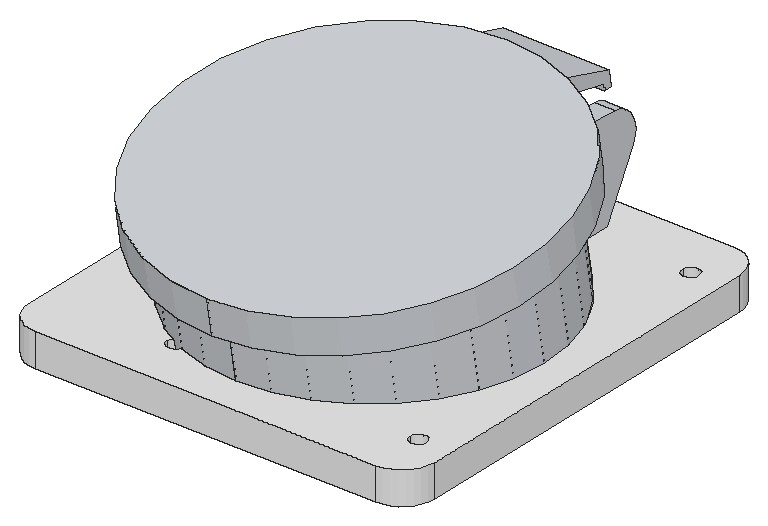
Revit family "Building-ConnessioniIEC309-GEWISS-IEC309HP-PRESE_FISSE_INC_10°_63A_IP44-54", category Apparecchi elettrici, host Superficie, Revit 2019
Family settings
  Host = Superficie
  Mantenere orientamento annotazione = Sì
  Quota connettore circolare = Usa diametro
  Tipo di parte = Normale
  Taglio con vuoti quando caricato = No
  Condiviso = Sì
  Punto di calcolo locali = Sì
Parameters (values of type "GW63221H - PR.INC.10° HP IP44 3P+N+T 63A 400V 6H")
  simbolo acceso [instance] = yes
  distanza_simbolo [instance] = 1 mm
  distanza dal piano [instance] = 0 mm
  W = 115 mm  # constant formula
  Versione file RFA = "21.11"
  URL = "https://www.gewiss.com/it/it"
  Tipologia = "Presa fissa da incasso 10°"
  Tipo Materiale = "Halogen free secondo norma EN 60754-2"
  Tipo Cablaggio = "A mantello"
  Termopressione con biglia = "125 °C (Parti attive) - 80 °C (Parti passive)"
  Tensione nominale: = "346 - 415 V"
  Temperatura di utilizzo = "-25 +55 °C"
  Spostamento_effettivo_S [instance] = 4000 mm - Spostamento_S  # 3050 mm
  Spostamento_S = 950 mm
  Sportello_visibile = yes
  Scheda Tecnica = "https://www.gewiss.com/it/it/search?q=GW63221H"
  SPinotto = Default(2)
  SEO = "Presa"
  Riferimento h = "6"
  Resistenza di isolamento = "- 10 M?"
  Resistenza agli urti = "IK09"
  Prospetto di default = 500 mm
  Produttore = "GEWISS S.p.A."
  Potere d'interruzione a 1,1 Un = "79A"
  Piastra = Default(2)
  N. poli = "3P+N+T"
  N. Manovre complessive = "-2000"
  Modello = "GW63221H"
  L = 155 mm  # constant formula
  Immagine tipo = (empty or 0)
  IDT = "bd500f5bebc94172aa8bf80527fc28cd"
  IDF = "8790a6a0-74ee-424c-80ea-f96fae4e6af0"
  Grado di protezione = "IP44/IP54"
  Glow wire test: = "850 °C (Parti attive) - 650 °C (Parti passive)"
  Frequenza = "50/60 Hz"
  FORMULA = 1000 mm * 1  # 1000 mm
  Dimensioni flangia (mm) = "110x100"
  Descrizione = "PR.INC.10° HP IP44 3P+N+T 63A 400V 6H"
  Creato da GEWISS S.p.A. = ""
  Corrente nominale (A) = "63"
  Corpo centrale = Default(2)
  Colore: = "Rosso"
  Codice Electrocod = "2210"
  Catalogo = "BUILDING"
  CapacitÃ  serraggio morsetti = "6-16 mm² cavi flessibili - 6-25 mm² cavi rigidi"
  COBie.Tagnumber = ""
  COBie.CreatedOn = ""
  COBie.CreatebBy = ""
  COBie.ComponentRegisterItemID = ""
  COBie.Component.TagNumber = ""
  COBie.Component.Space = ""
  COBie.Component.SerialNumber = ""
  COBie.Component.InstallationDate = ""
  COBie.Component.Description = ""
  COBie.Component.BarCode = ""
  BLOCCO = "B=C"
Types (9, lengths in mm): name | Tensione nominale: | Scheda Tecnica | Riferimento h | N. poli | Modello | IDT | Descrizione | Colore:
  GW63213H - PR.INC.10° HP IP44 2P+T 63A 110V 4H | "100 - 130 V" | "https://www.gewiss.com/it/it/search?q=GW63213H" | "4" | "2P+T" | "GW63213H" | "61669017e2464aa9a62ddc531653e513" | "PR.INC.10° HP IP44 2P+T 63A 110V 4H" | "Giallo"
  GW63214H - PR.INC.10° HP IP44 3P+T 63A 110V 4H | "100 - 130 V" | "https://www.gewiss.com/it/it/search?q=GW63214H" | "4" | "3P+T" | "GW63214H" | "fc65625c013245c19e3a6eb46933e87c" | "PR.INC.10° HP IP44 3P+T 63A 110V 4H" | "Giallo"
  GW63215H - PR.INC.10° HP IP44 3P+N+T 63A 110V 4H | "100 - 130 V" | "https://www.gewiss.com/it/it/search?q=GW63215H" | "4" | "3P+N+T" | "GW63215H" | "02a58fad572d49f1894efb9f33099149" | "PR.INC.10° HP IP44 3P+N+T 63A 110V 4H" | "Giallo"
  GW63216H - PR.INC.10° HP IP44 2P+T 63A 230V 6H | "200 - 250 V" | "https://www.gewiss.com/it/it/search?q=GW63216H" | "6" | "2P+T" | "GW63216H" | "79fff453ac6444c2bd27000ce9ccac0e" | "PR.INC.10° HP IP44 2P+T 63A 230V 6H" | "Blu"
  GW63217H - PR.INC.10° HP IP44 3P+T 63A 230V 9H | "200 - 250 V" | "https://www.gewiss.com/it/it/search?q=GW63217H" | "9" | "3P+T" | "GW63217H" | "d9f0499d68304e58a34fe50e9b2b594a" | "PR.INC.10° HP IP44 3P+T 63A 230V 9H" | "Blu"
  GW63218H - PR.INC.10° HP IP44 3P+N+T 63A 230V 9H | "200 - 250 V" | "https://www.gewiss.com/it/it/search?q=GW63218H" | "9" | "3P+N+T" | "GW63218H" | "f23697c106044597a00dd3e8dff3583a" | "PR.INC.10° HP IP44 3P+N+T 63A 230V 9H" | "Blu"
  GW63219H - PR.INC.10° HP IP44 2P+T 63A 400V 9H | "380 - 415 V" | "https://www.gewiss.com/it/it/search?q=GW63219H" | "9" | "2P+T" | "GW63219H" | "3de2cba5ee5d490c8b844cfae78d13f4" | "PR.INC.10° HP IP44 2P+T 63A 400V 9H" | "Rosso"
  GW63220H - PR.INC.10° HP IP44 3P+T 63A 400V 6H | "380 - 415 V" | "https://www.gewiss.com/it/it/search?q=GW63220H" | "6" | "3P+T" | "GW63220H" | "bb1a3da45d8d48a4b454b9f87e44c955" | "PR.INC.10° HP IP44 3P+T 63A 400V 6H" | "Rosso"
  GW63221H - PR.INC.10° HP IP44 3P+N+T 63A 400V 6H | "346 - 415 V" | "https://www.gewiss.com/it/it/search?q=GW63221H" | "6" | "3P+N+T" | "GW63221H" | "bd500f5bebc94172aa8bf80527fc28cd" | "PR.INC.10° HP IP44 3P+N+T 63A 400V 6H" | "Rosso"
Reference planes
  plane 1 "Centro (Fronte/Retro)": y = 0
  plane 2: z = 0
  plane 3 "Centro (Sinistra/Destra)": x = 0
  plane 4: x = -3000
  plane 5: x = 50
  plane 6: z = 0
Dimensions and locks
  plane 4 to plane 3 "Centro (Sinistra/Destra)" = 3000 mm
  "Spostamento_effettivo_S": plane 4 to plane 5
  "distanza dal piano": plane 6 to plane 2
  aligned and locked: plane 2 to host face
  aligned and locked: level to host face
  aligned and locked: plane 3 "Centro (Sinistra/Destra)" to nested 1
  aligned and locked: plane 1 "Centro (Fronte/Retro)" to nested 1
  aligned and locked: nested 2 to plane 5
Automatic sketch dimensions
  host sketch curve to host sketch curve = 2438.4 mm  (x2)
Nested families
  nested 1: "IEC309 PRESE FISSE INCASSO 10' 63A IP44-54.rfa_BASE" at (0, 0, 0), type "IEC309 PRESE FISSE INCASSO 10' 63A IP44-54.rfa_BASE"
  nested 2: "GWGW62201FH - SIMBOLO_PRESA" at (50, 171.559, 0), visible <- "simbolo acceso", Distanza dal muro <- "distanza_simbolo", type "3P"
    with SIMBOLO ACCESO yes, Distanza dal muro 1 mm
Connectors
  electrical at (37.5, 30, 0)
    settings: on nested 1, index 1, voltage 0 V, apparent load 0 VA, apparent load phase1 0 VA, apparent load phase2 0 VA, apparent load phase3 0 VA, power factor 1, load classification "Altro", number of poles 1, system type 31, power factor state 1, is connector primary yes, connector utility no, sub classification motor no, connector description ""
Definition of nested family "IEC309 PRESE FISSE INCASSO 10' 63A IP44-54.rfa_BASE"
  Parameters (values of type "IEC309 PRESE FISSE INCASSO 10' 63A IP44-54.rfa_BASE")
    sp_ghiera = 16 mm
    r2 = 39 mm
    h = 110 mm  # constant formula
    dis_base = 71 mm
    Sportello = yes
    Spinotto = none
    R1 = 42 mm
    PIASTRA = none
    Lunghezza totale = 140 mm
    CENTRALE = none
    Bsae = 100 mm  # constant formula
  Reference planes
    plane 1 "Centro (Fronte/Retro)": y = 0
    plane 2: z = 0
    plane 3 "Centro (Sinistra/Destra)": x = 0
    plane 4: x = 100
    plane 5: x = 32
    plane 6: y = 13
    plane 7: x = 92
    plane 8: y = 97
    plane 9: y = 110
    plane 10: x = 50
    plane 11: z = 8.057
    plane 12: z = 23.239
    plane 13: x = 68
    plane 14: x = 63
    plane 15: x = 37
    plane 16: y = 55
  Forms (mm)
    Extrusion 1, solid, material <- "PIASTRA"
      sketch origin (0, 0, 0) x (1, 0, 0) y (0, 1, 0)
        loop
          arc (8, 110) -> (2.343, 107.657) -> (0, 102) r 8
          line (0, 102) -> (0, 8)
          arc (0, 8) -> (2.343, 2.343) -> (8, 0) r 8
          line (8, 0) -> (92, 0)
          arc (92, 0) -> (97.657, 2.343) -> (100, 8) r 8
          line (100, 8) -> (100, 102)
          arc (100, 102) -> (97.657, 107.657) -> (92, 110) r 8
          line (92, 110) -> (8, 110)
      from 0 to 8.057
    Extrusion 2, solid, visible <- "Sportello"
      sketch origin (0, 7.5, -1.562) x (0, 1, 0) y (0, 0, 1)
        loop
          line (68.95, 36.363) -> (89.587, 33.905) -> (88.744, 38.546)
          arc (88.744, 38.546) -> (88.891, 39.007) -> (89.354, 39.142) r 0.515
          line (89.354, 39.142) -> (98.841, 37.179) -> (99.165, 35.396) -> (101.085, 35.373) -> (100.333, 39.637) -> (79.232, 45.894) -> (67.63, 43.848) -> (68.95, 36.363)
      from 37 to 63
    Extrusion 3, void
      sketch origin (0, 0, 0) x (1, 0, 0) y (0, 1, 0)
        loop
          circle (32, 97) r 2.072
        loop
          circle (92, 97) r 2.072
        loop
          circle (32, 13) r 2.072
        loop
          circle (92, 13) r 2.072
      from 0 to 8.057
    Extrusion 4, solid
      sketch origin (0, 7.5, 0) x (0, 1, 0) y (0, 0, 1)
        loop
          line (96.29, 32.466) -> (69.064, 34.238) -> (73.733, 8.057) -> (93.558, 8.057) -> (101.259, 22.19)
          arc (101.259, 22.19) -> (101.771, 28.777) -> (96.29, 32.466) r 6.557
      from 63 to 68
    Sweep 5, solid
      path origin (2.5, 16.25, 0) x (0, 1, 0) y (0, 0, 1)
        loop
          line (36.306, 4.207) -> (31.823, 29.346)
      profile origin (2.5, 50.314, 16.777) x (0, -0.98447, -0.175554) y (1, 0, 0)
        loop
          circle (0, 47.5) r 42
    Sweep 6, solid
      path origin (0, 16.25, 0) x (0, 1, 0) y (0, 0, 1)
        loop
          line (31.823, 29.346) -> (30.209, 38.396)
      profile origin (0, 47.266, 33.871) x (0, -0.98447, -0.175554) y (1, 0, 0)
        loop
          circle (0, 50) r 47
    Extrusion 7, solid
      sketch origin (75, 7.5, 0) x (0, 1, 0) y (0, 0, -1)
        loop
          arc (96.29, -32.466) -> (101.771, -28.777) -> (101.259, -22.19) r 6.557
          line (101.259, -22.19) -> (93.558, -8.057) -> (73.733, -8.057) -> (69.064, -34.238) -> (96.29, -32.466)
      from 38 to 43
    Sweep 8, solid
      path origin (0, 16.25, 0) x (0, 1, 0) y (0, 0, 1)
        loop
          line (31.823, 29.346) -> (36.212, 4.734)
      profile origin (0, 50.267, 17.04) x (0, 0.98447, 0.175554) y (1, 0, 0)
        loop
          circle (0, 50) r 42
  Cuts and joins
    Extrusion 3 cuts Extrusion 1
  Dimensions and locks
    "Bsae": plane 3 "Centro (Sinistra/Destra)" to plane 4
    locked: plane 7 to plane 4 at 8
    "h": plane 1 "Centro (Fronte/Retro)" to plane 9
    equal spacing: plane 3 "Centro (Sinistra/Destra)", plane 10, plane 4
    locked: plane 5 to plane 7 at 60
    locked: plane 11 to level at 8.057
    plane 12 to plane 11 = 15.181 mm
    plane 9 to plane 8 = 13 mm
    locked: plane 14 to plane 13 at 5
    locked: plane 5 to plane 15 at 5
    radius of Extrusion 1 sketch curve = 8 mm  (x4)
    "R1": radius of Sweep 8 sketch curve
    "R1": radius of Sweep 5 sketch curve
    aligned and locked: level to plane 2
    aligned and locked: plane 9 to Extrusion 1
    aligned and locked: Extrusion 1 to plane 3 "Centro (Sinistra/Destra)"
    aligned and locked: plane 1 "Centro (Fronte/Retro)" to Extrusion 1
    aligned and locked: Extrusion 1 to plane 4
    aligned and locked: plane 11 to Extrusion 1
    aligned and locked: plane 5 to Extrusion 3 sketch curve  (x2)
    aligned and locked: plane 8 to Extrusion 3 sketch curve  (x2)
    aligned and locked: plane 7 to Extrusion 3 sketch curve  (x2)
    aligned and locked: Extrusion 3 sketch curve to plane 6
    aligned and locked: plane 6 to Extrusion 3 sketch curve
    aligned and locked: Extrusion 1 to Extrusion 3
    aligned and locked: plane 10 to Sweep 6 sketch curve
    aligned and locked: plane 10 to Sweep 5 sketch curve
    aligned and locked: plane 10 to Sweep 8 sketch curve
    aligned and locked: Extrusion 4 to plane 13
    aligned and locked: Extrusion 4 to plane 14
    aligned and locked: plane 14 to Extrusion 2
    aligned and locked: Extrusion 7 to plane 15
    aligned and locked: Extrusion 7 to plane 5
    aligned and locked: Extrusion 2 to plane 15
  Automatic sketch dimensions
    Extrusion 1 sketch curve to plane 3 "Centro (Sinistra/Destra)" = 0 mm
    Extrusion 1 sketch curve to plane 7 = 0 mm
    plane 1 "Centro (Fronte/Retro)" to Extrusion 1 sketch curve = 0 mm
    Extrusion 1 sketch curve to plane 9 = 0 mm
    Extrusion 2 sketch curve to plane 8 = 21.87 mm
    plane 12 to Extrusion 2 sketch curve = 11.562 mm
    Extrusion 2 sketch curve to Extrusion 2 sketch curve = 1.32 mm
    Extrusion 2 sketch curve to Extrusion 2 sketch curve = 11.601 mm
    Extrusion 2 sketch curve to plane 8 = 0.756 mm
    Extrusion 2 sketch curve to Extrusion 2 sketch curve = 0.506 mm
    Extrusion 2 sketch curve to Extrusion 2 sketch curve = 0.104 mm
    Extrusion 2 sketch curve to Extrusion 2 sketch curve = 0.843 mm
    plane 8 to Extrusion 2 sketch curve = 9.341 mm
    Extrusion 2 sketch curve to Extrusion 2 sketch curve = 0.324 mm
    Extrusion 2 sketch curve to Extrusion 2 sketch curve = 1.493 mm
    Extrusion 2 sketch curve to Extrusion 2 sketch curve = 1.92 mm
    plane 12 to Extrusion 2 sketch curve = 10.595 mm
    Extrusion 2 sketch curve to Extrusion 2 sketch curve = 0.023 mm
    plane 12 to Extrusion 2 sketch curve = 9.103 mm
    Extrusion 2 sketch curve to Extrusion 2 sketch curve = 1.783 mm
    Extrusion 2 sketch curve to Extrusion 2 sketch curve = 4.642 mm
    Extrusion 2 sketch curve to Extrusion 2 sketch curve = 0.092 mm
    Extrusion 2 sketch curve to Extrusion 2 sketch curve = 2.458 mm
    Extrusion 2 sketch curve to Extrusion 2 sketch curve = 7.485 mm
    Extrusion 4 sketch curve to plane 11 = 0 mm
    plane 12 to Extrusion 4 sketch curve = 10.999 mm
    Extrusion 4 sketch curve to plane 8 = 20.436 mm
    Extrusion 4 sketch curve to plane 8 = 15.767 mm
    plane 8 to Extrusion 4 sketch curve = 4.058 mm
    plane 8 to Extrusion 4 sketch curve = 6.367 mm
    plane 8 to Extrusion 4 sketch curve = 6.79 mm
    Extrusion 4 sketch curve to plane 12 = 1.049 mm
    plane 8 to Extrusion 4 sketch curve = 11.759 mm
    plane 12 to Extrusion 4 sketch curve = 2.684 mm
    plane 6 to Sweep 6 sketch curve = 33.459 mm
    plane 12 to Sweep 6 sketch curve = 6.107 mm
    Sweep 6 sketch curve to Sweep 6 sketch curve = 1.614 mm
    Sweep 6 sketch curve to Sweep 6 sketch curve = 9.051 mm
    Sweep 6 sketch curve to profile plane = 0 mm
    Extrusion 7 sketch curve to plane 11 = 0 mm
    plane 12 to Extrusion 7 sketch curve = 10.999 mm
    Extrusion 7 sketch curve to plane 8 = 20.436 mm
    Extrusion 7 sketch curve to plane 8 = 15.767 mm
    plane 8 to Extrusion 7 sketch curve = 4.058 mm
    plane 8 to Extrusion 7 sketch curve = 6.367 mm
    plane 8 to Extrusion 7 sketch curve = 6.79 mm
    Extrusion 7 sketch curve to plane 12 = 1.049 mm
    plane 8 to Extrusion 7 sketch curve = 11.759 mm
    plane 12 to Extrusion 7 sketch curve = 9.227 mm
    plane 12 to Sweep 5 sketch curve = 6.107 mm
    plane 6 to Sweep 5 sketch curve = 35.073 mm
    Sweep 5 sketch curve to plane 11 = 3.85 mm
    plane 6 to Sweep 5 sketch curve = 39.556 mm
    plane 12 to Sweep 8 sketch curve = 6.107 mm
    plane 6 to Sweep 8 sketch curve = 35.073 mm
    Sweep 8 sketch curve to plane 11 = 3.323 mm
    plane 6 to Sweep 8 sketch curve = 39.462 mm
    Sweep 5 sketch curve to profile plane = 0 mm
    Sweep 8 sketch curve to profile plane = 0 mm
    radius of Extrusion 3 sketch curve = 2.072 mm  (x4)
    radius of Sweep 6 sketch curve = 47 mm
Definition of nested family "GWGW62201FH - SIMBOLO_PRESA"
  Parameters (values of type "3P")
    SIMBOLO ACCESO [instance] = yes
    Distanza dal muro [instance] = 0 mm
  Reference planes
    plane 1: y = 0
    plane 2: x = 0
  Dimensions and locks
    "Distanza dal muro": plane 1 to nested 1
    aligned and locked: plane 2 to nested 1
  Nested families
    nested 1: "GWGW62201FH - SIMBOLO" at (0, 0, 0), visible <- "SIMBOLO ACCESO", type "3P"
  Definition of nested family "GWGW62201FH - SIMBOLO"
    Parameters (values of type "3P")
      CORNICE SIMBOLO [instance] = yes
      3P = yes
    Reference planes
      plane 1: y = 0
      plane 2: x = 0
    Lines and regions (mm)
      detail lines
        curve 1: circle (-0.314, 0.674, 0) r 0.057 normal (0, 0, 1)
        curve 2: arc (0.346, -0.009, 0) -> (0, 0.337, 0) -> (-0.346, -0.009, 0) r 0.346
        curve 3: line (0, 0.337, 0) -> (0.346, 0.337, 0)
        curve 4: line (0, 3.386, 0) -> (0, 0.337, 0)
        curve 5: line (0, 0.337, 0) -> (-0.314, 0.674, 0)
